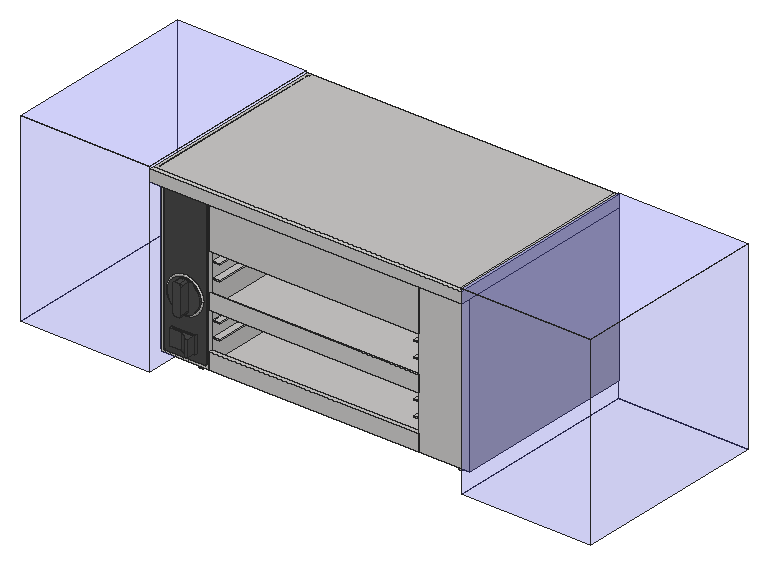
Revit family "QF_Vollrath_CM2-12020", category Specialty Equipment, Revit 2016
Family settings
  Part Type = Normal
  Round Connector Dimension = Use Diameter
  OmniClass Number = 23.40.40.00
  OmniClass Title = Food Service Equipment and Furnishings
  Work Plane-Based = No
  Always vertical = Yes
  Cut with Voids When Loaded = No
  Shared = No
  Room Calculation Point = No
Parameters (values of type "CM2-12020")
  Width = 19 1/4"
  Weight in Pounds = 20
  Watts = 1200 W
  Watermarked By = ""
  Volts = 120 V
  URL Cutsheet = ""
  URL = "http://vollrath.com/Vollrath.htm"
  Status [instance] = ""
  Specification by User [instance] = ""
  Specification by Manufacturer [instance] = ""
  Serial Number [instance] = ""
  Revision Code [instance] = ""
  Phase = 1
  Opening = 13"
  Number of Poles [instance] = 1
  NAFEM Spec ID Number [instance] = ""
  Model = "CM2-12020"
  Masterspec [instance] = ""
  Manufacturer = "Vollrath"
  Item Number [instance] = "-"
  Installed By [instance] = ""
  Height = 11 3/8"
  Furnished By [instance] = ""
  Foodservice Equipment Identifier = yes
  FL Amps = 10 A
  Electrical Remarks [instance] = ""
  Electric Connection Type = ""
  Elec Conn RI Height [instance] = 0"
  Elec Conn Connection Height = 0"
  Description = "Cheese Melter"
  Depth = 12 1/8"
  Cycle = 60 Hz
  Conn Plug = "NEMA 5-15P"
  CSI MasterFormat = ""
  Assembly Code = "E1090320"
  Apparent Power = if(Phase = 3, Volts * FL Amps * 1.73, Volts * FL Amps)  # 1200 VA
Reference planes (in)
  plane 1 "BACK": y = 0
  plane 2: z = 0
  plane 3 "LEFT": x = -16.56573
  plane 4 "RIGHT": x = 2.68427
  plane 5 "FRONT": y = -12.125
  plane 6 "TOP": z = 11.375
  plane 7: x = -6.94073
  plane 8: y = -5.75
  plane 9: x = 10.68427
  plane 10: x = -24.56573
  plane 11 "Right Inner": x = -0.44073
  plane 12 "Left Inner": x = -13.44073
  plane 13 "Leg Right": x = 1.05927
  plane 14 "Leg Left": x = -14.94073
  plane 15 "Leg Back": y = -2.09375
  plane 16 "Leg Front": y = -10.03125
  plane 17 "Bottom of Box": z = 1
  plane 18 "Bottom of Top": z = 10.5625
  plane 19 "Front of Box": y = -11.5
Forms (in)
  Extrusion 1, solid, material "QF_Clearance", detail levels medium+fine
    sketch origin (0, 0, 0) x (1, 0, 0) y (0, 1, 0)
      loop
        line (-24.56573, 0) -> (-24.56573, -12.125) -> (-16.56573, -12.125) -> (-16.56573, 0) -> (-24.56573, 0)
      loop
        line (10.68427, 0) -> (2.68427, 0) -> (2.68427, -12.125) -> (10.68427, -12.125) -> (10.68427, 0)
    from 0 to 11.375
  Revolve 2, solid, material "QF_Stainless-Polished"
    sketch origin (-14.94073, 0, 0) x (0, 1, 0) y (0, 0, 1)
      loop
        line (-2.09375, 1) -> (-2.09375, 0) -> (-1.89375, 0) -> (-1.89375, 0.2) -> (-1.85375, 0.2) -> (-1.77375, 0.6) -> (-1.69375, 0.6) -> (-1.61375, 1) -> (-2.09375, 1)
      axis (-2.09375, 0) -> (-2.09375, 1)
    angle from 0 to 360
  Revolve 3, solid, material "QF_Stainless-Polished"
    sketch origin (-14.94073, 0, 0) x (0, 1, 0) y (0, 0, 1)
      loop
        line (-10.03125, 1) -> (-10.03125, 0) -> (-9.83125, 0) -> (-9.83125, 0.2) -> (-9.79125, 0.2) -> (-9.71125, 0.6) -> (-9.63125, 0.6) -> (-9.55125, 1) -> (-10.03125, 1)
      axis (-10.03125, 0) -> (-10.03125, 1)
    angle from 0 to 360
  Revolve 4, solid, material "QF_Stainless-Polished"
    sketch origin (1.05927, 0, 0) x (0, 1, 0) y (0, 0, 1)
      loop
        line (-2.09375, 1) -> (-2.09375, 0) -> (-1.89375, 0) -> (-1.89375, 0.2) -> (-1.85375, 0.2) -> (-1.77375, 0.6) -> (-1.69375, 0.6) -> (-1.61375, 1) -> (-2.09375, 1)
      axis (-2.09375, 0) -> (-2.09375, 1)
    angle from 0 to 360
  Revolve 5, solid, material "QF_Stainless-Polished"
    sketch origin (1.05927, 0, 0) x (0, 1, 0) y (0, 0, 1)
      loop
        line (-10.03125, 1) -> (-10.03125, 0) -> (-9.83125, 0) -> (-9.83125, 0.2) -> (-9.79125, 0.2) -> (-9.71125, 0.6) -> (-9.63125, 0.6) -> (-9.55125, 1) -> (-10.03125, 1)
      axis (-10.03125, 0) -> (-10.03125, 1)
    angle from 0 to 360
  Sweep 6, solid, material "QF_Stainless-Polished"
    path origin (0, 0, 11.375) x (0, 1, 0) y (-1, 0, 0)
      loop
        line (0, 16.56573) -> (-12.125, 16.56573) -> (-12.125, -2.68427) -> (0, -2.68427) -> (0, 16.56573)
    profile origin (-6.94073, 0, 11.375) x (0, 1, 0) y (0, 0, 1)
      loop
        line (0, -0.125) -> (-0.125, 0) -> (-0.8125, 0) -> (-0.8125, -0.125) -> (-0.17678, -0.125) -> (-0.125, -0.17678) -> (-0.125, -0.8125) -> (0, -0.8125) -> (0, -0.125)
  Extrusion 7, solid, material "QF_Stainless-Polished"
    sketch origin (0, 0, 11.375) x (0, 1, 0) y (-1, 0, 0)
      loop
        line (-0.8125, 15.75323) -> (-11.3125, 15.75323) -> (-11.3125, -1.87177) -> (-0.8125, -1.87177) -> (-0.8125, 15.75323)
    from 0 to -0.125
  Extrusion 8, solid, material "QF_Stainless-Polished"
    sketch origin (0, 0, 10.5625) x (0, 1, 0) y (-1, 0, 0)
      loop
        line (-0.125, 16.44073) -> (-12, 16.44073) -> (-12, -2.55927) -> (-0.125, -2.55927) -> (-0.125, 16.44073)
    from 0 to 0.125
  Extrusion 9, solid, material "QF_Stainless-Polished"
    sketch origin (-16.56573, 0, 0) x (0, 1, 0) y (0, 0, 1)
      loop
        line (0, 10.5625) -> (-11.25, 10.5625) -> (-11.25, 1) -> (0, 1) -> (0, 10.5625)
      loop
        circle (-5.75, 5.78125) r 2
    from 0 to 0.25
  Sweep 10, solid, material "QF_Stainless-Polished"
    path origin (-16.56573, 0, 0) x (0, 1, 0) y (0, 0, 1)
      loop
        circle (-5.75, 5.78125) r 1.75
    profile origin (-16.56573, -5.75, 7.53125) x (0, 0, -1) y (1, 0, 0)
      loop
        circle (0, 0) r 0.0625
  Sweep 11, solid, material "QF_Stainless-Polished"
    path origin (-16.56573, 0, 0) x (0, 1, 0) y (0, 0, 1)
      loop
        circle (-5.75, 5.78125) r 1.5
    profile origin (-16.56573, -5.75, 7.28125) x (0, 0, -1) y (1, 0, 0)
      loop
        circle (0, 0) r 0.0625
  Sweep 12, solid, material "QF_Stainless-Polished"
    path origin (-16.56573, 0, 0) x (0, 1, 0) y (0, 0, 1)
      loop
        circle (-5.75, 5.78125) r 1.25
    profile origin (-16.56573, -5.75, 7.03125) x (0, 0, -1) y (1, 0, 0)
      loop
        circle (0, 0) r 0.0625
  Sweep 13, solid, material "QF_Stainless-Polished"
    path origin (-16.56573, 0, 0) x (0, 1, 0) y (0, 0, 1)
      loop
        circle (-5.75, 5.78125) r 1
    profile origin (-16.56573, -5.75, 6.78125) x (0, 0, -1) y (1, 0, 0)
      loop
        circle (0, 0) r 0.0625
  Sweep 14, solid, material "QF_Stainless-Polished"
    path origin (-16.56573, 0, 0) x (0, 1, 0) y (0, 0, 1)
      loop
        circle (-5.75, 5.78125) r 0.75
    profile origin (-16.56573, -5.75, 6.53125) x (0, 0, -1) y (1, 0, 0)
      loop
        circle (0, 0) r 0.0625
  Sweep 15, solid, material "QF_Stainless-Polished"
    path origin (-16.56573, 0, 0) x (0, 1, 0) y (0, 0, 1)
      loop
        circle (-5.75, 5.78125) r 0.5
    profile origin (-16.56573, -5.75, 6.28125) x (0, 0, -1) y (1, 0, 0)
      loop
        circle (0, 0) r 0.0625
  Sweep 16, solid, material "QF_Stainless-Polished"
    path origin (-16.56573, 0, 0) x (0, 1, 0) y (0, 0, 1)
      loop
        circle (-5.75, 5.78125) r 0.25
    profile origin (-16.56573, -5.75, 6.03125) x (0, 0, -1) y (1, 0, 0)
      loop
        circle (0, 0) r 0.0625
  Sweep 17, solid, material "QF_Stainless-Polished"
    path origin (-16.56573, 0, 0) x (0, 1, 0) y (0, 0, 1)
      loop
        line (-7.51777, 7.54902) -> (-3.98223, 4.01348)
    profile origin (-16.56573, -5.75, 5.78125) x (0, 0.707107, 0.707107) y (1, 0, 0)
      loop
        arc (-0.125, 0) -> (0, -0.125) -> (0.125, 0) r 0.125
        line (0.125, 0) -> (-0.125, 0)
  Sweep 18, solid, material "QF_Stainless-Polished"
    path origin (-16.56573, 0, 0) x (0, 1, 0) y (0, 0, 1)
      loop
        line (-3.98223, 7.54902) -> (-7.51777, 4.01348)
    profile origin (-16.56573, -5.75, 5.78125) x (0, 0.707107, -0.707107) y (1, 0, 0)
      loop
        line (0.125, 0) -> (-0.125, 0)
        arc (-0.125, 0) -> (0, -0.125) -> (0.125, 0) r 0.125
  Extrusion 19, solid, material "QF_Stainless-Polished"
    sketch origin (2.68427, 0, 0) x (0, 1, 0) y (0, 0, 1)
      loop
        line (0, 10.5625) -> (-11.5, 10.5625) -> (-11.5, 1) -> (0, 1) -> (0, 10.5625)
    from 0 to -0.25
  Extrusion 20, solid, material "QF_Stainless-Polished"
    sketch origin (0, 0, 0) x (1, 0, 0) y (0, 0, 1)
      loop
        line (2.43427, 1) -> (2.43427, 10.5625) -> (-16.31573, 10.5625) -> (-16.31573, 1) -> (2.43427, 1)
    from 0 to 0.25
  Extrusion 21, solid, material "QF_Stainless-Polished"
    sketch origin (0, 0, 1) x (0, 1, 0) y (-1, 0, 0)
      loop
        line (-0.25, 16.31573) -> (-11.5, 16.31573) -> (-11.5, -2.43427) -> (-0.25, -2.43427) -> (-0.25, 16.31573)
    from 0 to 0.25
  Extrusion 22, solid, material "QF_Stainless-Polished"
    sketch origin (0, -11.5, 0) x (-1, 0, 0) y (0, 0, 1)
      loop
        line (-2.68427, 1) -> (0.44073, 1) -> (0.44073, 10.5625) -> (-2.68427, 10.5625) -> (-2.68427, 1)
    from 0 to 11.25
  Extrusion 23, solid, material "QF_Stainless-Polished"
    sketch origin (0, -11.5, 0) x (-1, 0, 0) y (0, 0, 1)
      loop
        line (0.44073, 10.5625) -> (0.44073, 7.5625) -> (13.44073, 7.5625) -> (13.44073, 10.5625) -> (0.44073, 10.5625)
    from 0 to 0.25
  Extrusion 24, void
    sketch origin (0, -11.5, 0) x (-1, 0, 0) y (0, 0, 1)
      loop
        line (13.44073, 1.25) -> (13.44073, 1) -> (16.31573, 1) -> (16.31573, 1.25) -> (13.44073, 1.25)
    from 0 to 0.25
  Extrusion 25, solid, material "QF_Stainless-Polished"
    sketch origin (0, -11.5, 0) x (-1, 0, 0) y (0, 0, 1)
      loop
        line (13.44073, 1) -> (16.31573, 1) -> (16.31573, 10.5625) -> (13.44073, 10.5625) -> (13.44073, 1)
      loop
        line (16.19073, 1.25) -> (16.19073, 10.3125)
        arc (16.19073, 10.3125) -> (16.15411, 10.40089) -> (16.06573, 10.4375) r 0.125
        line (16.06573, 10.4375) -> (13.69073, 10.4375)
        arc (13.69073, 10.4375) -> (13.60234, 10.40089) -> (13.56573, 10.3125) r 0.125
        line (13.56573, 10.3125) -> (13.56573, 1.25)
        arc (13.56573, 1.25) -> (13.60234, 1.16161) -> (13.69073, 1.125) r 0.125
        line (13.69073, 1.125) -> (16.06573, 1.125)
        arc (16.06573, 1.125) -> (16.15411, 1.16161) -> (16.19073, 1.25) r 0.125
    from 0 to 0.25
  Extrusion 26, solid, material "QF_Steel-Paint Finish-Black"
    sketch origin (0, -11.5, 0) x (-1, 0, 0) y (0, 0, 1)
      loop
        arc (13.69073, 10.4375) -> (13.60234, 10.40089) -> (13.56573, 10.3125) r 0.125
        line (13.56573, 10.3125) -> (13.56573, 1.25)
        arc (13.56573, 1.25) -> (13.60234, 1.16161) -> (13.69073, 1.125) r 0.125
        line (13.69073, 1.125) -> (16.06573, 1.125)
        arc (16.06573, 1.125) -> (16.15411, 1.16161) -> (16.19073, 1.25) r 0.125
        line (16.19073, 1.25) -> (16.19073, 10.3125)
        arc (16.19073, 10.3125) -> (16.15411, 10.40089) -> (16.06573, 10.4375) r 0.125
        line (16.06573, 10.4375) -> (13.69073, 10.4375)
      loop
        circle (14.87823, 4.625) r 1
      loop
        line (15.69073, 1.625) -> (15.69073, 2.625) -> (14.19073, 2.625) -> (14.19073, 1.625) -> (15.69073, 1.625)
    from 0 to 0.25
  Extrusion 27, void
    sketch origin (0, -11.5, 0) x (-1, 0, 0) y (0, 0, 1)
      loop
        line (13.44073, 1.25) -> (0.44073, 1.25) -> (0.44073, 1) -> (13.44073, 1) -> (13.44073, 1.25)
    from 0 to 0.25
  Extrusion 28, solid, material "QF_Stainless-Polished"
    sketch origin (0, -11.5, 0) x (-1, 0, 0) y (0, 0, 1)
      loop
        line (13.44073, 1) -> (13.44073, 2) -> (0.44073, 2) -> (0.44073, 1) -> (13.44073, 1)
    from 0 to 0.25
  Extrusion 29, solid, material "QF_Stainless-Polished"
    sketch origin (0, -11.5, 0) x (-1, 0, 0) y (0, 0, 1)
      loop
        line (13.44073, 1.25) -> (13.69073, 1.25) -> (13.69073, 10.5625) -> (13.44073, 10.5625) -> (13.44073, 1.25)
    from 0.25 to 11.25
  Extrusion 30, solid, material "QF_Plastic-Black-Coarse"
    sketch origin (0, -11.5, 0) x (-1, 0, 0) y (0, 0, 1)
      loop
        circle (14.87823, 4.625) r 1
      loop
        line (15.69073, 2.625) -> (14.19073, 2.625) -> (14.19073, 1.625) -> (15.69073, 1.625) -> (15.69073, 2.625)
    from 0 to -0.125
  Extrusion 31, solid, material "QF_Plastic-Black-Coarse"
    sketch origin (0, -11.625, 0) x (1, 0, 0) y (0, 0, 1)
      loop
        line (-15.12823, 5.42783) -> (-15.12823, 3.82217)
        arc (-15.12823, 3.82217) -> (-15.09817, 3.74087) -> (-15.02246, 3.69866) r 0.125
        arc (-15.02246, 3.69866) -> (-14.87823, 3.6875) -> (-14.73399, 3.69866) r 0.9375
        arc (-14.73399, 3.69866) -> (-14.65828, 3.74087) -> (-14.62823, 3.82217) r 0.125
        line (-14.62823, 3.82217) -> (-14.62823, 5.42783)
        arc (-14.62823, 5.42783) -> (-14.65828, 5.50913) -> (-14.73399, 5.55134) r 0.125
        arc (-14.73399, 5.55134) -> (-14.87823, 5.5625) -> (-15.02246, 5.55134) r 0.9375
        arc (-15.02246, 5.55134) -> (-15.09817, 5.50913) -> (-15.12823, 5.42783) r 0.125
    from 0 to 0.5
  Extrusion 32, solid, material "QF_Plastic-Black-Coarse"
    sketch origin (-15.69073, -11.5, 2.625) x (1, 0, 0) y (0, 1, 0)
      loop
        line (1.4375, -0.125) -> (0.0625, -0.125) -> (0.0625, -0.22041) -> (0.70081, -0.22041)
        arc (0.70081, -0.22041) -> (0.89215, -0.25847) -> (1.05436, -0.36686) r 0.5
        line (1.05436, -0.36686) -> (1.3125, -0.625) -> (1.4375, -0.625) -> (1.4375, -0.125)
    from 0 to -1
  Extrusion 33, solid, material "QF_Stainless-Polished"
    sketch origin (0, -11.5, 0) x (-1, 0, 0) y (0, 0, 1)
      loop
        line (13.44073, 4.28125) -> (13.44073, 5.28125) -> (0.44073, 5.28125) -> (0.44073, 4.28125) -> (13.44073, 4.28125)
    from 0 to 0.0625
  Extrusion 34, solid, material "QF_Stainless-Polished"
    sketch origin (-13.44073, 0, 0) x (0, 1, 0) y (0, 0, 1)
      loop
        line (-11.4375, 4.28125) -> (-0.25, 4.28125) -> (-0.25, 4.34375) -> (-11.4375, 4.34375) -> (-11.4375, 4.28125)
    from 0 to 13
  Extrusion 35, solid, material "QF_Stainless-Polished"
    sketch origin (0, -11.5, 0) x (-1, 0, 0) y (0, 0, 1)
      loop
        line (0.94073, 6.92187) -> (0.44073, 6.92187) -> (0.44073, 5.92187) -> (0.94073, 5.92187) -> (0.94073, 5.98437) -> (0.50323, 5.98437) -> (0.50323, 6.85937) -> (0.94073, 6.85937) -> (0.94073, 6.92187)
      loop
        line (12.94073, 6.92187) -> (12.94073, 6.85937) -> (13.37823, 6.85937) -> (13.37823, 5.98437) -> (12.94073, 5.98437) -> (12.94073, 5.92187) -> (13.44073, 5.92187) -> (13.44073, 6.92187) -> (12.94073, 6.92187)
      loop
        line (0.94073, 3.64062) -> (0.44073, 3.64062) -> (0.44073, 2.64062) -> (0.94073, 2.64062) -> (0.94073, 2.70312) -> (0.50323, 2.70312) -> (0.50323, 3.57812) -> (0.94073, 3.57812) -> (0.94073, 3.64062)
      loop
        line (12.94073, 3.64062) -> (12.94073, 3.57812) -> (13.37823, 3.57812) -> (13.37823, 2.70312) -> (12.94073, 2.70312) -> (12.94073, 2.64062) -> (13.44073, 2.64062) -> (13.44073, 3.64062) -> (12.94073, 3.64062)
    from 0.25 to 11.25
  Sweep 36, solid, material "QF_Stainless-Polished"
    path origin (0, -11.5, 0) x (-1, 0, 0) y (0, 0, 1)
      loop
        circle (14.87823, 4.625) r 1
    profile origin (-14.87823, -11.5, 5.625) x (0, 0, -1) y (0, 1, 0)
      loop
        line (0, 0) -> (-0.125, 0)
        arc (-0.125, 0) -> (-0.0625, -0.0625) -> (0, 0) r 0.0625
  Extrusion 37, solid, material "QF_Stainless-Polished"
    sketch origin (0, 0, 0) x (1, 0, 0) y (0, 0, 1)
      loop
        circle (-14.94073, 3.14039) r 0.25
    from 0 to -0.25
Cuts and joins
  joined: Sweep 6, Extrusion 7, Extrusion 8
  Extrusion 24, Extrusion 27 cuts Extrusion 9
  Extrusion 24, Extrusion 27 cuts Extrusion 19
  Extrusion 24, Extrusion 27 cuts Extrusion 20
  Extrusion 24, Extrusion 27 cuts Extrusion 21
  Extrusion 24, Extrusion 27 cuts Extrusion 22
  joined: Extrusion 9, Extrusion 19, Extrusion 20, Extrusion 21, Extrusion 22
  Extrusion 24 cuts Revolve 2
  Extrusion 24 cuts Revolve 3
  Extrusion 27 cuts Extrusion 25
Lines and regions (in)
  symbolic lines, style "QF_Clearances_Code Mandatory"
    curve 1: line (-24.56573, 0, 0) -> (-16.56573, 0, 0)
    curve 2: line (-24.56573, -12.125, 0) -> (-24.56573, 0, 0)
    curve 3: line (-16.56573, -12.125, 0) -> (-24.56573, -12.125, 0)
    curve 5: line (10.68427, 0, 0) -> (2.68427, 0, 0)
    curve 6: line (10.68427, -12.125, 0) -> (10.68427, 0, 0)
    curve 7: line (2.68427, -12.125, 0) -> (10.68427, -12.125, 0)
  symbolic lines, style "SpecialityEquipment"
    curve 4: line (-16.56573, 0, 0) -> (-16.56573, -12.125, 0)
    curve 8: line (2.68427, 0, 0) -> (2.68427, -12.125, 0)
  symbolic lines
    curve 9: line (2.68427, 0, 1) -> (-16.56573, 0, 1)
    curve 10: line (-16.56573, -12.125, 1) -> (2.68427, -12.125, 1)
  symbolic lines, style "QF_Details_Undercounter"
    curve 11: line (-16.31573, -11.5, 1) -> (2.68427, -11.5, 1)
    curve 12: line (-16.31573, -11.25, 1) -> (-16.31573, -11.5, 1)
    curve 13: line (-16.31573, -11.25, 1) -> (-16.56573, -11.25, 1)
Dimensions and locks (in)
  "Depth": plane 5 "FRONT" to plane 1 "BACK"
  "Height": plane 6 "TOP" to plane 2
  "Width": plane 4 "RIGHT" to plane 3 "LEFT"
  equal spacing: plane 3 "LEFT", plane 7, plane 4 "RIGHT"
  locked: plane 10 to plane 3 "LEFT" at 8
  locked: plane 4 "RIGHT" to plane 9 at 8
  locked: plane 3 "LEFT" to plane 14 "Leg Left" at 1.625
  locked: plane 13 "Leg Right" to plane 4 "RIGHT" at 1.625
  locked: plane 15 "Leg Back" to plane 1 "BACK" at 2.09375
  locked: plane 5 "FRONT" to plane 16 "Leg Front" at 2.09375
  locked: plane 17 "Bottom of Box" to level at 1
  locked: plane 6 "TOP" to plane 18 "Bottom of Top" at 0.8125
  locked: plane 19 "Front of Box" to plane 5 "FRONT" at 0.625
  equal spacing: plane 1 "BACK", plane 8, plane 19 "Front of Box"
  locked: Extrusion 9 sketch curve to plane 19 "Front of Box" at 0.25
  locked: plane 3 "LEFT" to plane 12 "Left Inner" at 3.125
  "Opening": plane 12 "Left Inner" to plane 11 "Right Inner"
  aligned and locked: level to plane 2
  aligned and locked: plane 1 "BACK" to Extrusion 1 sketch curve
  aligned and locked: plane 10 to Extrusion 1 sketch curve
  aligned and locked: plane 5 "FRONT" to Extrusion 1 sketch curve
  aligned and locked: Extrusion 1 sketch curve to plane 3 "LEFT"
  aligned and locked: Extrusion 1 sketch curve to plane 1 "BACK"
  aligned and locked: plane 9 to Extrusion 1 sketch curve
  aligned and locked: Extrusion 1 sketch curve to plane 5 "FRONT"
  aligned and locked: Extrusion 1 sketch curve to plane 4 "RIGHT"
  aligned and locked: curve 1 to Extrusion 1
  aligned and locked: curve 2 to Extrusion 1
  aligned and locked: curve 3 to Extrusion 1
  aligned and locked: curve 4 to Extrusion 1
  aligned and locked: curve 5 to Extrusion 1
  aligned and locked: curve 6 to Extrusion 1
  aligned and locked: curve 7 to Extrusion 1
  aligned and locked: curve 8 to Extrusion 1
  aligned and locked: plane 6 "TOP" to Extrusion 1
  aligned and locked: plane 15 "Leg Back" to Revolve 2 sketch curve
  aligned and locked: plane 16 "Leg Front" to Revolve 3 sketch curve
  aligned and locked: plane 17 "Bottom of Box" to Revolve 3 sketch curve
  aligned and locked: plane 17 "Bottom of Box" to Revolve 2 sketch curve
  aligned and locked: plane 17 "Bottom of Box" to Revolve 4 sketch curve
  aligned and locked: plane 15 "Leg Back" to Revolve 4 sketch curve
  aligned and locked: plane 17 "Bottom of Box" to Revolve 5 sketch curve
  aligned and locked: plane 16 "Leg Front" to Revolve 5 sketch curve
  aligned and locked: Sweep 6 sketch curve to Extrusion 1  (x4)
  aligned and locked: Sweep 6 sketch curve to plane 1 "BACK"
  aligned and locked: Sweep 6 sketch curve to plane 6 "TOP"
  aligned and locked: Extrusion 7 sketch curve to Sweep 6  (x4)
  aligned and locked: Extrusion 8 sketch curve to cut or joined group of Sweep 6, Extrusion 7, Extrusion 8  (x3)
  aligned and locked: Extrusion 9 sketch curve to cut or joined group of Sweep 6, Extrusion 7, Extrusion 8  (x2)
  aligned and locked: Extrusion 9 sketch curve to plane 17 "Bottom of Box"
  aligned and locked: Extrusion 19 sketch curve to cut or joined group of Sweep 6, Extrusion 7, Extrusion 8
  aligned and locked: Extrusion 19 sketch curve to Extrusion 9  (x2)
  aligned and locked: Extrusion 20 sketch curve to Extrusion 19  (x2)
  aligned and locked: Extrusion 9 to Extrusion 20 sketch curve
  aligned and locked: Extrusion 20 sketch curve to Extrusion 9
  aligned and locked: Extrusion 21 sketch curve to Extrusion 20  (x2)
  aligned and locked: Extrusion 19 to Extrusion 21 sketch curve  (x2)
  aligned and locked: Extrusion 22 sketch curve to Extrusion 19  (x2)
  aligned and locked: plane 18 "Bottom of Top" to Extrusion 22 sketch curve
  aligned and locked: Extrusion 22 sketch curve to plane 11 "Right Inner"
  aligned and locked: Extrusion 23 sketch curve to plane 11 "Right Inner"
  aligned and locked: plane 12 "Left Inner" to Extrusion 23 sketch curve
  aligned and locked: Extrusion 23 sketch curve to plane 18 "Bottom of Top"
  aligned and locked: Extrusion 24 sketch curve to cut or joined group of Extrusion 9, Extrusion 19, Extrusion 20, Extrusion 21, Extrusion 22, Extrusion 24, Extrusion 27  (x3)
  aligned and locked: Extrusion 24 sketch curve to plane 12 "Left Inner"
  aligned and locked: cut or joined group of Extrusion 9, Extrusion 19, Extrusion 20, Extrusion 21, Extrusion 22, Extrusion 24, Extrusion 27 to Extrusion 25 sketch curve  (x2)
  aligned and locked: Extrusion 25 sketch curve to cut or joined group of Extrusion 9, Extrusion 19, Extrusion 20, Extrusion 21, Extrusion 22, Extrusion 24, Extrusion 27  (x2)
  aligned and locked: Extrusion 26 sketch curve to Extrusion 25  (x4)
  aligned and locked: cut or joined group of Extrusion 9, Extrusion 19, Extrusion 20, Extrusion 21, Extrusion 22, Extrusion 24, Extrusion 27 to Extrusion 27 sketch curve
  aligned and locked: Extrusion 27 sketch curve to cut or joined group of Extrusion 9, Extrusion 19, Extrusion 20, Extrusion 21, Extrusion 22, Extrusion 24, Extrusion 27
  aligned and locked: Extrusion 27 sketch curve to plane 17 "Bottom of Box"
  aligned and locked: plane 11 "Right Inner" to Extrusion 27 sketch curve
  aligned and locked: Extrusion 28 sketch curve to plane 17 "Bottom of Box"
  aligned and locked: Extrusion 28 sketch curve to cut or joined group of Extrusion 9, Extrusion 19, Extrusion 20, Extrusion 21, Extrusion 22, Extrusion 24, Extrusion 27
  aligned and locked: plane 12 "Left Inner" to Extrusion 28 sketch curve
  aligned and locked: plane 18 "Bottom of Top" to Extrusion 29 sketch curve
  aligned and locked: cut or joined group of Extrusion 9, Extrusion 19, Extrusion 20, Extrusion 21, Extrusion 22, Extrusion 24, Extrusion 27 to Extrusion 29
  aligned and locked: Extrusion 29 to cut or joined group of Extrusion 9, Extrusion 19, Extrusion 20, Extrusion 21, Extrusion 22, Extrusion 24, Extrusion 27
  aligned and locked: cut or joined group of Extrusion 9, Extrusion 19, Extrusion 20, Extrusion 21, Extrusion 22, Extrusion 24, Extrusion 27 to Extrusion 29 sketch curve
  aligned and locked: Extrusion 30 sketch curve to Extrusion 26  (x4)
  aligned and locked: Extrusion 33 sketch curve to plane 11 "Right Inner"
  aligned and locked: Extrusion 33 sketch curve to plane 12 "Left Inner"
  aligned and locked: Extrusion 34 sketch curve to cut or joined group of Extrusion 9, Extrusion 19, Extrusion 20, Extrusion 21, Extrusion 22, Extrusion 24, Extrusion 27
  aligned and locked: Extrusion 34 sketch curve to Extrusion 33
  aligned and locked: plane 11 "Right Inner" to Extrusion 34
  aligned and locked: plane 11 "Right Inner" to Extrusion 35 sketch curve
  aligned and locked: cut or joined group of Extrusion 9, Extrusion 19, Extrusion 20, Extrusion 21, Extrusion 22, Extrusion 24, Extrusion 27 to Extrusion 35
  aligned and locked: Extrusion 35 to cut or joined group of Extrusion 9, Extrusion 19, Extrusion 20, Extrusion 21, Extrusion 22, Extrusion 24, Extrusion 27
  aligned and locked: curve 9 to cut or joined group of Extrusion 9, Extrusion 19, Extrusion 20, Extrusion 21, Extrusion 22, Extrusion 24, Extrusion 27
  aligned and locked: curve 10 to cut or joined group of Sweep 6, Extrusion 7, Extrusion 8
  aligned and locked: curve 11 to Extrusion 23
  aligned and locked: curve 12 to cut or joined group of Extrusion 25, Extrusion 27
Automatic sketch dimensions
  Revolve 2 sketch curve to plane 15 "Leg Back" = 0"
  Revolve 2 sketch curve to level = 0"  (x2)
  Revolve 2 sketch curve to plane 17 "Bottom of Box" = 0"
  Revolve 2 sketch curve to Revolve 2 sketch curve = 0.2"
  Revolve 2 sketch curve to Revolve 2 sketch curve = 0.04"
  Revolve 2 sketch curve to plane 15 "Leg Back" = 0.32"
  level to Revolve 2 sketch curve = 0.2"
  Revolve 2 sketch curve to plane 17 "Bottom of Box" = 0.4"
  Revolve 2 sketch curve to Revolve 2 sketch curve = 0.48"
  Revolve 2 sketch curve to Revolve 2 sketch curve = 0.08"
  Revolve 3 sketch curve to plane 16 "Leg Front" = 0"
  Revolve 3 sketch curve to level = 0"  (x2)
  Revolve 3 sketch curve to plane 17 "Bottom of Box" = 0"
  Revolve 3 sketch curve to Revolve 3 sketch curve = 0.2"
  Revolve 3 sketch curve to Revolve 3 sketch curve = 0.04"
  Revolve 3 sketch curve to plane 16 "Leg Front" = 0.32"
  Revolve 3 sketch curve to Revolve 3 sketch curve = 0.08"  (x2)
  level to Revolve 3 sketch curve = 0.2"
  Revolve 3 sketch curve to plane 17 "Bottom of Box" = 0.4"
  Revolve 4 sketch curve to plane 15 "Leg Back" = 0"
  Revolve 4 sketch curve to level = 0"  (x2)
  Revolve 4 sketch curve to plane 17 "Bottom of Box" = 0"
  Revolve 4 sketch curve to Revolve 4 sketch curve = 0.2"
  Revolve 4 sketch curve to Revolve 4 sketch curve = 0.04"
  Revolve 4 sketch curve to plane 15 "Leg Back" = 0.32"
  Revolve 4 sketch curve to Revolve 4 sketch curve = 0.08"  (x2)
  level to Revolve 4 sketch curve = 0.2"
  Revolve 4 sketch curve to plane 17 "Bottom of Box" = 0.4"
  Revolve 5 sketch curve to plane 16 "Leg Front" = 0"
  Revolve 5 sketch curve to level = 0"  (x2)
  Revolve 5 sketch curve to plane 17 "Bottom of Box" = 0"
  Revolve 5 sketch curve to Revolve 5 sketch curve = 0.2"
  Revolve 5 sketch curve to Revolve 5 sketch curve = 0.04"
  Revolve 5 sketch curve to plane 16 "Leg Front" = 0.32"
  Revolve 5 sketch curve to Revolve 5 sketch curve = 0.08"  (x2)
  level to Revolve 5 sketch curve = 0.2"
  Revolve 5 sketch curve to plane 17 "Bottom of Box" = 0.4"
  profile plane to Sweep 6 sketch curve = 1/8"
  Sweep 6 sketch curve to Sweep 6 sketch curve = 0.05178"  (x4)
  Sweep 6 sketch curve to plane 6 "TOP" = 1/8"
  Sweep 6 sketch curve to Sweep 6 sketch curve = 0.63572"  (x2)
  plane 1 "BACK" to Extrusion 8 sketch curve = 1/8"
  Extrusion 9 sketch curve to plane 8 = 0"
  plane 17 "Bottom of Box" to Extrusion 9 sketch curve = 4 25/32"
  Sweep 10 sketch curve to plane 3 "LEFT" = 0"
  Sweep 10 sketch curve to profile plane = 0"
  Sweep 10 sketch curve to plane 8 = 0"
  plane 17 "Bottom of Box" to Sweep 10 sketch curve = 4 25/32"
  Sweep 11 sketch curve to plane 8 = 0"
  plane 17 "Bottom of Box" to Sweep 11 sketch curve = 4 25/32"
  Sweep 11 sketch curve to plane 3 "LEFT" = 0"
  Sweep 11 sketch curve to profile plane = 0"
  Sweep 12 sketch curve to plane 8 = 0"
  plane 17 "Bottom of Box" to Sweep 12 sketch curve = 4 25/32"
  Sweep 12 sketch curve to plane 3 "LEFT" = 0"
  Sweep 12 sketch curve to profile plane = 0"
  Sweep 13 sketch curve to plane 8 = 0"
  plane 17 "Bottom of Box" to Sweep 13 sketch curve = 4 25/32"
  Sweep 13 sketch curve to plane 3 "LEFT" = 0"
  Sweep 13 sketch curve to profile plane = 0"
  Sweep 14 sketch curve to plane 8 = 0"
  plane 17 "Bottom of Box" to Sweep 14 sketch curve = 4 25/32"
  Sweep 14 sketch curve to plane 3 "LEFT" = 0"
  Sweep 14 sketch curve to profile plane = 0"
  Sweep 15 sketch curve to plane 8 = 0"
  plane 17 "Bottom of Box" to Sweep 15 sketch curve = 4 25/32"
  Sweep 15 sketch curve to plane 3 "LEFT" = 0"
  Sweep 15 sketch curve to profile plane = 0"
  Sweep 16 sketch curve to plane 8 = 0"
  plane 17 "Bottom of Box" to Sweep 16 sketch curve = 4 25/32"
  Sweep 16 sketch curve to plane 3 "LEFT" = 0"
  Sweep 16 sketch curve to profile plane = 0"
  plane 8 to Sweep 17 sketch curve = 1.76777"
  plane 17 "Bottom of Box" to Sweep 17 sketch curve = 3.01348"
  Sweep 17 sketch curve to plane 8 = 1.76777"
  Sweep 17 sketch curve to plane 18 "Bottom of Top" = 3.01348"
  Sweep 17 sketch curve to plane 3 "LEFT" = 0"
  Sweep 17 sketch curve to profile plane = 0"
  profile plane to Sweep 17 sketch curve = 1/8"
  plane 8 to Sweep 18 sketch curve = 1.76777"
  plane 17 "Bottom of Box" to Sweep 18 sketch curve = 3.01348"
  Sweep 18 sketch curve to plane 8 = 1.76777"
  Sweep 18 sketch curve to plane 18 "Bottom of Top" = 3.01348"
  Sweep 18 sketch curve to plane 3 "LEFT" = 0"
  Sweep 18 sketch curve to profile plane = 0"
  Sweep 18 sketch curve to Sweep 18 sketch curve = 1/8"
  Extrusion 23 sketch curve to Extrusion 23 sketch curve = 3"
  Extrusion 19 sketch curve to plane 19 "Front of Box" = 0"
  Extrusion 25 sketch curve to plane 12 "Left Inner" = 1/8"
  Extrusion 25 sketch curve to plane 18 "Bottom of Top" = 1/8"
  Extrusion 25 sketch curve to Extrusion 25 sketch curve = 1/8"  (x3)
  plane 17 "Bottom of Box" to Extrusion 25 sketch curve = 1/8"
  Extrusion 25 sketch curve to Extrusion 25 sketch curve = 1/4"  (x2)
  Extrusion 26 sketch curve to Extrusion 26 sketch curve = 1/8"  (x4)
  plane 14 "Leg Left" to Extrusion 26 sketch curve = 1/16"
  Extrusion 26 sketch curve to Extrusion 26 sketch curve = 3 3/8"
  Extrusion 26 sketch curve to plane 12 "Left Inner" = 3/4"
  Extrusion 26 sketch curve to Extrusion 26 sketch curve = 3/8"  (x2)
  Extrusion 26 sketch curve to Extrusion 26 sketch curve = 1"
  Extrusion 28 sketch curve to Extrusion 28 sketch curve = 1"
  Extrusion 29 sketch curve to plane 12 "Left Inner" = 1/4"
  Extrusion 29 sketch curve to plane 12 "Left Inner" = 0"
  plane 14 "Leg Left" to Extrusion 30 sketch curve = 1/16"
  Extrusion 30 sketch curve to Extrusion 30 sketch curve = 2"
  Extrusion 31 sketch curve to Extrusion 30 = 11/16"  (x2)
  Extrusion 31 sketch curve to Extrusion 31 sketch curve = 1/4"  (x2)
  Extrusion 31 sketch curve to Extrusion 31 sketch curve = 1/8"  (x2)
  Extrusion 31 sketch curve to Extrusion 31 sketch curve = 0"  (x3)
  Extrusion 31 sketch curve to Extrusion 31 sketch curve = 0.80283"
  Extrusion 30 to Extrusion 32 sketch curve = 1/8"
  Extrusion 32 sketch curve to Extrusion 30 = 0.09541"
  Extrusion 30 to Extrusion 32 sketch curve = 1/16"  (x2)
  Extrusion 30 to Extrusion 32 sketch curve = 0.70081"
  Extrusion 32 sketch curve to Extrusion 30 = 0.24186"
  Extrusion 32 sketch curve to Extrusion 32 sketch curve = 0.35355"
  Extrusion 30 to Extrusion 32 sketch curve = 3/16"
  Extrusion 32 sketch curve to Extrusion 32 sketch curve = 0.25814"
  plane 17 "Bottom of Box" to Extrusion 33 sketch curve = 3 9/32"
  Extrusion 33 sketch curve to Extrusion 33 sketch curve = 1"
  plane 17 "Bottom of Box" to Extrusion 34 sketch curve = 3 9/32"
  Extrusion 34 sketch curve to Extrusion 34 sketch curve = 1/16"
  Extrusion 35 sketch curve to plane 11 "Right Inner" = 0"
  Extrusion 35 sketch curve to plane 12 "Left Inner" = 0"  (x2)
  Extrusion 35 sketch curve to plane 11 "Right Inner" = 1/16"  (x2)
  Extrusion 35 sketch curve to Extrusion 35 sketch curve = 7/16"  (x4)
  plane 12 "Left Inner" to Extrusion 35 sketch curve = 1/2"  (x4)
  plane 12 "Left Inner" to Extrusion 35 sketch curve = 1/16"  (x2)
  plane 17 "Bottom of Box" to Extrusion 35 sketch curve = 1 41/64"  (x2)
  Extrusion 35 sketch curve to Extrusion 35 sketch curve = 1/16"  (x8)
  Extrusion 35 sketch curve to Extrusion 35 sketch curve = 7/8"  (x4)
  Extrusion 35 sketch curve to Extrusion 35 sketch curve = 2 9/32"  (x2)
  plane 14 "Leg Left" to Sweep 36 sketch curve = 1/16"
  plane 17 "Bottom of Box" to Sweep 36 sketch curve = 3 5/8"
  Sweep 36 sketch curve to plane 19 "Front of Box" = 0"
  Sweep 36 sketch curve to profile plane = 0"
  profile plane to Sweep 36 sketch curve = 1/16"
  Extrusion 37 sketch curve to plane 14 "Leg Left" = 0"
  plane 17 "Bottom of Box" to Extrusion 37 sketch curve = 2.14039"
  curve 13 to plane 3 "LEFT" = 0"
  curve 9 to plane 4 "RIGHT" = 0"
  curve 11 to plane 4 "RIGHT" = 0"
  curve 10 to plane 4 "RIGHT" = 0"
  curve 9 to plane 3 "LEFT" = 0"
  curve 10 to plane 3 "LEFT" = 0"
  plane 19 "Front of Box" to curve 12 = 1/4"
  radius of Extrusion 9 sketch curve = 2"
  radius of Sweep 10 sketch curve = 1/16"
  radius of Sweep 10 sketch curve = 1 3/4"
  radius of Sweep 11 sketch curve = 1 1/2"
  radius of Sweep 11 sketch curve = 1/16"
  radius of Sweep 12 sketch curve = 1 1/4"
  radius of Sweep 12 sketch curve = 1/16"
  radius of Sweep 13 sketch curve = 1"
  radius of Sweep 13 sketch curve = 1/16"
  radius of Sweep 14 sketch curve = 3/4"
  radius of Sweep 14 sketch curve = 1/16"
  radius of Sweep 15 sketch curve = 1/2"
  radius of Sweep 15 sketch curve = 1/16"
  radius of Sweep 16 sketch curve = 1/4"
  radius of Sweep 16 sketch curve = 1/16"
  radius of Extrusion 26 sketch curve = 1"
  radius of Extrusion 30 sketch curve = 1"
  radius of Extrusion 31 sketch curve to Extrusion 30 = 1/16"  (x2)
  radius of Sweep 36 sketch curve = 1"
  radius of Extrusion 37 sketch curve = 1/4"
Connectors (in)
  electrical at (-14.94073, 0.25, 3.14039), driven by "Number of Poles", driven by "Volts", driven by "Apparent Power"
    settings: on Extrusion 37, index 1, voltage 120 V, apparent load 1200 VA, apparent load phase1 0 VA, apparent load phase2 0 VA, apparent load phase3 0 VA, power factor 1, load classification "Other", number of poles 1, system type 30, power factor state 1, is connector primary yes, connector utility no, sub classification motor no, connector description "ELECTRICAL"
